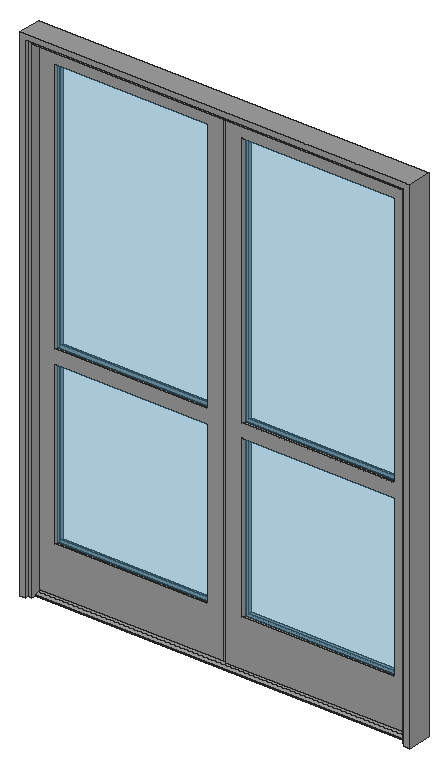
Revit family "RD-NS-DOOR-Double-1-CW_v04", category Curtain Panels, Revit 2015 (continued)
Definition of nested family "RD-NS-DOOR-Double-1-Panel_v03"
  Definition of nested family "RD-NS-DOOR-Double-1-Section_v02"
    Definition of nested family "8 MUNTIN-DI"
      Lines and regions (in)
        detail lines, in view "Ref. Level"
          curve 1: line (1.008, 0, 0) -> (0.5, 0, 0)
          curve 2: line (0.5, 0, 0) -> (0.5, -0.531, 0)
          curve 3: line (0.5, -0.531, 0) -> (-0.5, -0.531, 0)
          curve 4: line (-0.5, -0.531, 0) -> (-0.5, 0, 0)
          curve 5: line (-0.5, 0, 0) -> (-1.008, 0, 0)
          curve 6: line (-1.008, 0, 0) -> (-1.008, -9.5, 0)
          curve 7: line (-1.008, -9.5, 0) -> (-0.5, -9.5, 0)
          curve 8: line (-0.5, -9.5, 0) -> (-0.5, -9.093, 0)
          curve 9: line (-0.5, -9.093, 0) -> (0.5, -9.093, 0)
          curve 10: line (0.5, -9.093, 0) -> (0.5, -9.5, 0)
          curve 11: line (0.5, -9.5, 0) -> (1.008, -9.5, 0)
          curve 12: line (1.008, -9.5, 0) -> (1.008, 0, 0)
    Definition of nested family "8 MID PANEL-DI"
      Reference planes (in)
        plane 1 "Center (Front/Back)": y = 0
        plane 2: z = 0
        plane 3 "Center (Left/Right)": x = 0
      Lines and regions (in)
        detail lines, in view "Ref. Level"
          curve 1: line (1.008, 0, 0) -> (0.5, 0, 0)
          curve 2: line (0.5, 0, 0) -> (0.5, -0.531, 0)
          curve 3: line (0.5, -0.531, 0) -> (-0.5, -0.531, 0)
          curve 4: line (-0.5, -0.531, 0) -> (-0.5, 0, 0)
          curve 5: line (-0.5, 0, 0) -> (-1.008, 0, 0)
          curve 6: line (-1.008, 0, 0) -> (-1.008, -9.5, 0)
          curve 7: line (-1.008, -9.5, 0) -> (-0.5, -9.5, 0)
          curve 8: line (-0.5, -9.5, 0) -> (-0.5, -9.093, 0)
          curve 9: line (-0.5, -9.093, 0) -> (0.5, -9.093, 0)
          curve 10: line (0.5, -9.093, 0) -> (0.5, -9.5, 0)
          curve 11: line (0.5, -9.5, 0) -> (1.008, -9.5, 0)
          curve 12: line (1.008, -9.5, 0) -> (1.008, 0, 0)
Definition of nested family "Dub-Framing-DI"
  Reference planes (in)
    plane 1 "Center (Front/Back)": y = 0
    plane 2: z = 0
    plane 3 "Center (Left/Right)": x = 0
